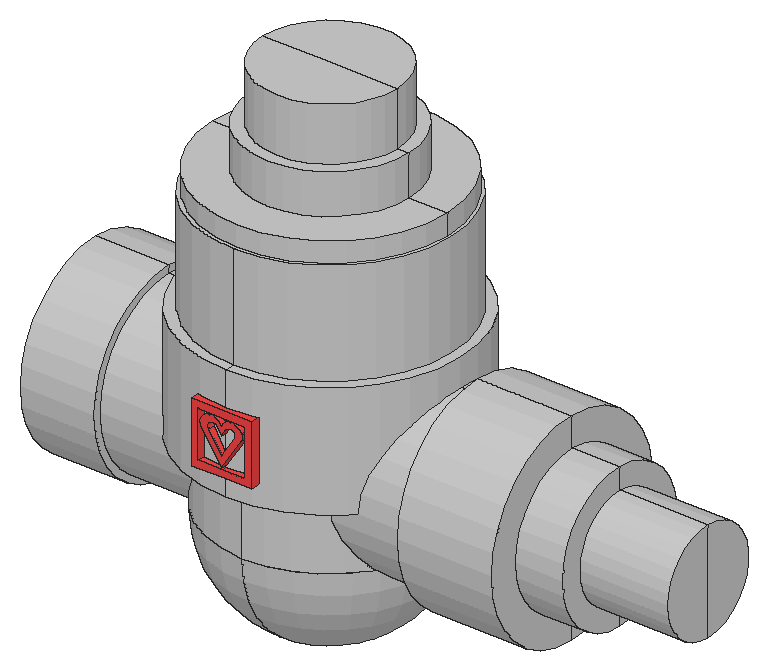
Revit family "Клапан для отключения радиатора с высокой пропускной способностью HERZ-RL-1-E, проходной 3723", category Rohrzubehör, Revit 2019
Family settings
  Bemaßung runder Anschluss = Durchmesser verwenden
  Teiletyp = Unterbricht
  OmniClass-Nummer = 23.65.55.14
  OmniClass-Titel = Valves for Liquid Services
  Arbeitsebenenbasiert = Nein
  Immer vertikal = Nein
  Beim Laden mit Abzugskörper schneiden = Nein
  Gemeinsam genutzt = Nein
Parameters
  Среда = "Качество воды в соответствии с ÖNORM H 5195 или директивой VDI 2035."
  Область применения = "Система водяного отопления. С помощью установки радиаторных запорных клапанов возможно осуществить перекрытие обратного потока нагревательных приборов. При одновременном перекрытии с клапаном на подающем трубопроводе возможен демонтаж радиатора в системе, которая находится под давлением."
  Номер заказа [instance] = size_lookup("3723_1E_", "Artnr", 0, Nennweite)  # 1372301
  Макс. рабочее давление = 1000000.0 Pa  # constant formula
  Макс. рабочая температура = 120 °C  # constant formula
  Корпус = "Никелированная латунь"  # constant formula
  Исполнение = "Стандартные модели с резьбовой муфтой в никелированном исполнении."
  URL = "www.herz-armaturen.ru"
  SCRNSEQ = "ARM;ARM_TYP=\"ALLF\";2"
  SCRNCODE = "05;01;02"  # constant formula
  S04 = 45.000 mm  # constant formula
  S03 = 61.000 mm  # constant formula
  S02 [instance] = L05 + L06 + L07  # 56.300 mm
  S01 = 10.000 mm  # constant formula
  R06 = 10.000 mm  # constant formula
  R05 = 11.750 mm  # constant formula
  R04 = 17.500 mm  # constant formula
  R03 = 16.500 mm  # constant formula
  R02 = 19.500 mm  # constant formula
  R01 = 18.000 mm  # constant formula
  Nennweite [instance] = 15.000 mm
  LO1 = 3.000 mm  # constant formula
  LO2 = 19.500 mm  # constant formula
  L07 [instance] = size_lookup("3723_1E_", "L7", 1.000 mm, Nennweite)  # 20.300 mm
  L06 [instance] = size_lookup("3723_1E_", "L6", 1.000 mm, Nennweite)  # 14.000 mm
  L05 [instance] = L02 - L04  # 22.000 mm
  L04 [instance] = size_lookup("3723_1E_", "L4", 1.000 mm, Nennweite)  # 11.000 mm
  L03 [instance] = size_lookup("3723_1E_", "L3", 1.000 mm, Nennweite)  # 11.000 mm
  L02 [instance] = size_lookup("3723_1E_", "L2", 1.000 mm, Nennweite)  # 33.000 mm
  L01 [instance] = size_lookup("3723_1E_", "L1", 1.000 mm, Nennweite)  # 35.000 mm
  Hersteller = "HERZ Armaturen Ges.m.b.H."  # constant formula
  H6 = 8.000 mm  # constant formula
  H07 = 14.000 mm  # constant formula
  H05 = 17.000 mm  # constant formula
  H04 [instance] = H02 - H03  # 17.000 mm
  H03 = 15.500 mm  # constant formula
  H02 [instance] = 32.500 mm  # constant formula
  H01 [instance] = 26.000 mm  # constant formula
  GTI [instance] = size_lookup("3723_1E_", "GT1", 1.000 mm, Nennweite)  # 13.200 mm
  GT [instance] = size_lookup("3723_1E_", "GT", 1.000 mm, Nennweite)  # 12.000 mm
  G2 [instance] = Nennweite / 2  # 7.500 mm
  G1 [instance] = Nennweite / 2  # 7.500 mm
  D05 [instance] = size_lookup("3723_1E_", "D5", 1.000 mm, Nennweite)  # 10.650 mm
  D04 [instance] = size_lookup("3723_1E_", "D4", 1.000 mm, Nennweite)  # 15.000 mm
  D03 [instance] = size_lookup("3723_1E_", "D3", 1.000 mm, Nennweite)  # 9.525 mm
  D02 [instance] = size_lookup("3723_1E_", "D2", 1.000 mm, Nennweite)  # 13.000 mm
  D01 [instance] = size_lookup("3723_1E_", "D1", 1.000 mm, Nennweite)  # 14.000 mm
Reference planes
  plane 1 "Mitte (Vorne/hinten)": y = 0
  plane 2: z = 0
  plane 3 "Mitte (Links/rechts)": x = 0
Forms (mm)
  Revolve 1, solid, material "Messing, weicher Gelbton, geschweißt", detail levels fine
    sketch origin (0, 0, 0) x (1, 0, 0) y (0, 0, 1)
      loop
        line (-23, 0) -> (33, 0) -> (33, 9.525) -> (22, 9.525) -> (22, 13) -> (-24, 13) -> (-24, 14) -> (-35, 14) -> (-35, 7.5) -> (-23, 7.5) -> (-23, 0)
      axis (-35, 0) -> (33, 0)
    angle from 0 to 360
  Revolve 2, solid, material "Messing, weicher Gelbton, geschweißt", detail levels fine
    sketch origin (0, 0, 0) x (0, 1, 0) y (0, 0, 1)
      loop
        line (0, 32.5) -> (-18, 32.5) -> (-18, 17) -> (-19.5, 17) -> (-19.5, 0) -> (-16.5, 0) -> (-16.5, -9.5)
        arc (-16.5, -9.5) -> (-11.667, -21.167) -> (0, -26) r 16.5
        line (0, -26) -> (0, 32.5)
      axis (0, -26) -> (0, 32.5)
    angle from 0 to 360
  Revolve 3, solid, material "Messing, weicher Gelbton, geschweißt", detail levels fine
    sketch origin (0, 0, 0) x (1, 0, 0) y (0, 0, 1)
      loop
        line (33, 0) -> (56.3, 0) -> (56.3, 7.5) -> (43.1, 7.5) -> (43.1, 10.65) -> (36, 10.65) -> (36, 15) -> (22, 15) -> (22, 9.525) -> (33, 9.525) -> (33, 0)
      axis (22, 0) -> (56.3, 0)
    angle from 0 to 360
  Revolve 4, solid, material "Messing, weicher Gelbton, geschweißt", detail levels medium+fine
    sketch origin (0, 0, 0) x (1, 0, 0) y (0, 0, 1)
      loop
        line (0, 32.5) -> (0, 49.5) -> (-10, 49.5) -> (-10, 41.5) -> (-11.75, 41.5) -> (-11.75, 35.5) -> (-17.5, 35.5) -> (-17.5, 32.5) -> (0, 32.5)
      axis (0, 49.5) -> (0, 32.5)
    angle from 0 to 360
Lines and regions (mm)
  model lines, detail levels coarse+medium
    curve 1: line (-35, 0, 14) -> (-35, 0, -14)
    curve 2: line (-35, 0, -14) -> (35, 0, 14)
    curve 3: line (35, 0, 14) -> (35, 0, -14)
    curve 4: line (35, 0, -14) -> (-35, 0, 14)
    curve 5: line (35, 0, 14) -> (45, 0, 14)
    curve 6: line (45, 0, 14) -> (35, 0, 0)
    curve 7: line (35, 0, -14) -> (45, 0, -14)
    curve 8: line (45, 0, -14) -> (35, 0, 0)
    curve 9: line (35, 0, 0) -> (56.3, 0, 0)
    curve 10: line (-35, 14, 0) -> (-35, -14, 0)
    curve 11: line (-35, -14, 0) -> (35, 14, 0)
    curve 12: line (35, 14, 0) -> (35, -14, 0)
    curve 13: line (35, -14, 0) -> (-35, 14, 0)
    curve 14: line (35, 14, 0) -> (45, 14, 0)
    curve 15: line (45, 14, 0) -> (35, 0, 0)
    curve 16: line (35, -14, 0) -> (45, -14, 0)
    curve 17: line (45, -14, 0) -> (35, 0, 0)
Dimensions and locks
  "L01": Revolve 1 sketch curve to plane 3 "Mitte (Links/rechts)"
  "L02": Revolve 1 sketch curve to plane 3 "Mitte (Links/rechts)"
  "G1": Revolve 1 sketch curve to plane 2
  "GT": Revolve 1 sketch curve to Revolve 1 sketch curve
  "D01": Revolve 1 sketch curve to Revolve 1 sketch curve
  "D02": Revolve 1 sketch curve to Revolve 1 sketch curve
  "D03": Revolve 1 sketch curve to Revolve 1 sketch curve
  "L03": Revolve 1 sketch curve to Revolve 1 sketch curve
  "L04": Revolve 1 sketch curve to Revolve 1 sketch curve
  "H02": Revolve 2 sketch curve to plane 2
  "D03": Revolve 3 sketch curve to plane 2
  "L04": Revolve 3 sketch curve to Revolve 3 sketch curve
  "L05": Revolve 3 sketch curve to plane 3 "Mitte (Links/rechts)"
  "L06": Revolve 3 sketch curve to Revolve 3 sketch curve
  "L07": Revolve 3 sketch curve to Revolve 3 sketch curve
  "D04": Revolve 3 sketch curve to Revolve 3 sketch curve
  "G2": Revolve 3 sketch curve to Revolve 3 sketch curve
  "D05": Revolve 3 sketch curve to Revolve 3 sketch curve
  "GTI": Revolve 3 sketch curve to Revolve 3 sketch curve
  "LO1": nested 1 to plane 2
  "D01": curve 4 to plane 2 to curve 2
  "D01": curve 3 to plane 2 to curve 4
  "L01": curve 1 to plane 3 "Mitte (Links/rechts)" to curve 3
  "S01": curve 3 to curve 6
  "S02": curve 9 to plane 3 "Mitte (Links/rechts)"
  "L01": curve 10 to plane 3 "Mitte (Links/rechts)" to curve 12
  "D01": curve 11 to plane 1 "Mitte (Vorne/hinten)" to curve 13
  "D01": curve 13 to plane 1 "Mitte (Vorne/hinten)" to curve 12
  "S01": curve 12 to curve 15
  "S01": curve 12 to curve 17
  "H03": Revolve 2 sketch curve to Revolve 2 sketch curve
  "R02": Revolve 2 sketch curve to Revolve 2 sketch curve
  "R01": Revolve 2 sketch curve to Revolve 2 sketch curve
  "H04": Revolve 2 sketch curve to Revolve 2 sketch curve
  "H01": plane 2 to Revolve 2 sketch curve
  "LO2": nested 1 to plane 1 "Mitte (Vorne/hinten)"
  "H05": Revolve 4 sketch curve to Revolve 2
  "H02": Revolve 4 sketch curve to plane 2
  "H6": Revolve 4 sketch curve to Revolve 4 sketch curve
  "H07": Revolve 4 sketch curve to Revolve 4 sketch curve
  "R06": Revolve 4 sketch curve to Revolve 4 sketch curve
  "R05": Revolve 4 sketch curve to Revolve 4 sketch curve
  "R04": Revolve 4 sketch curve to Revolve 4 sketch curve
  "R03": radius of Revolve 2 sketch curve
  aligned and locked: level to plane 2
Automatic sketch dimensions
  curve 9 to level = 0.000 mm
  curve 3 to curve 8 = 10.000 mm
  plane 1 "Mitte (Vorne/hinten)" to curve 17 = 0.000 mm
  Revolve 1 sketch curve to level = 0.000 mm  (x2)
  Revolve 1 sketch curve to Revolve 1 sketch curve = 1436.530 mm
  Revolve 1 sketch curve to Revolve 1 sketch curve = 1779.148 mm
  Revolve 2 sketch curve to plane 1 "Mitte (Vorne/hinten)" = 0.000 mm  (x2)
  Revolve 2 sketch curve to Revolve 2 sketch curve = 0.000 mm
  Revolve 2 sketch curve to Revolve 2 sketch curve = 1236.335 mm
  Revolve 3 sketch curve to level = 0.000 mm  (x2)
  Revolve 3 sketch curve to plane 3 "Mitte (Links/rechts)" = 1506.530 mm
  Revolve 3 sketch curve to Revolve 3 sketch curve = 1789.648 mm
  Revolve 4 sketch curve to plane 3 "Mitte (Links/rechts)" = 0.000 mm  (x2)
  Revolve 4 sketch curve to level = 366.045 mm
  Revolve 4 sketch curve to Revolve 4 sketch curve = 2164.815 mm
Nested families
  nested 1: "Herz-Logo-vorne" at (0, -19.5, 7.5) x (0, 1, 0) z (0, 0, 1), type "Herz-Logo-vorne", detail levels fine
Connectors
  piping at (-23, 0, 0), diameter 15, driven by "Nennweite"
    settings: on Revolve 1, index 1, connector inside diameter 609.6 mm, connector length 0.000 mm, flow factor 0, pipe flow 0.0 L/s, pressure drop 0.0 Pa, fitting loss kfactor 0, connector angle 0.00°, fixture units 0, engagement length 0.000 mm, angle of deflection 0.00°, flow configuration 0, flow direction 1, fitting loss method 0, system type 8, joint type 0, gender type 0, connector reference index -1, connector utility 0, adjustable connector no, is connector primary yes, connector description ""
  piping at (56.3, 0, 0), diameter 15, driven by "Nennweite"
    settings: on Revolve 3, index 2, connector inside diameter 609.6 mm, connector length 0.000 mm, flow factor 0, pipe flow 0.0 L/s, pressure drop 0.0 Pa, fitting loss kfactor 0, connector angle 0.00°, fixture units 0, engagement length 0.000 mm, angle of deflection 0.00°, flow configuration 0, flow direction 2, fitting loss method 0, system type 8, joint type 0, gender type 0, connector reference index -1, connector utility 0, adjustable connector no, is connector primary no, connector description ""
Definition of nested family "Herz-Logo-vorne"
  Reference planes
    plane 1 "Mitte (Vorne/hinten)": y = 0
    plane 2: z = 0
    plane 3 "Mitte (Links/rechts)": x = 0
  Forms (mm)
    Extrusion 1, solid
      sketch origin (0.732, -0.018, 0.017) x (0, -1, 0) y (0, 0, 1)
        loop
          line (-0.018, -4.517) -> (4.482, -4.517) -> (4.482, 4.483) -> (-4.518, 4.483) -> (-4.518, -4.517) -> (-0.018, -4.517)
        loop
          line (-0.05, -3.48) -> (3.482, -3.48) -> (3.482, 3.483) -> (-3.518, 3.483) -> (-3.518, -3.48) -> (-0.05, -3.48)
        loop
          arc (-0.018, 2.383) -> (-1.543, 3.287) -> (-3.067, 2.383) r 1.738
          arc (-3.067, 2.383) -> (-3.191, 1.899) -> (-3.067, 1.415) r 1.009
          line (-3.067, 1.415) -> (-0.018, -3.281) -> (3.032, 1.415)
          arc (3.032, 1.415) -> (3.156, 1.899) -> (3.032, 2.383) r 1.009
          arc (3.032, 2.383) -> (1.507, 3.287) -> (-0.018, 2.383) r 1.738
        loop
          arc (1.885, 1.272) -> (2.005, 1.675) -> (1.885, 2.079) r 0.74
          arc (1.885, 2.079) -> (1.265, 2.416) -> (0.644, 2.079) r 0.74
          line (0.644, 2.079) -> (-0.018, 0.97) -> (-0.679, 2.079)
          arc (-0.679, 2.079) -> (-1.3, 2.416) -> (-1.921, 2.079) r 0.74
          arc (-1.921, 2.079) -> (-2.04, 1.675) -> (-1.921, 1.272) r 0.74
          line (-1.921, 1.272) -> (-0.018, -1.658) -> (1.885, 1.272)
      from 0 to 1.5
  Dimensions and locks
    aligned and locked: level to plane 2
